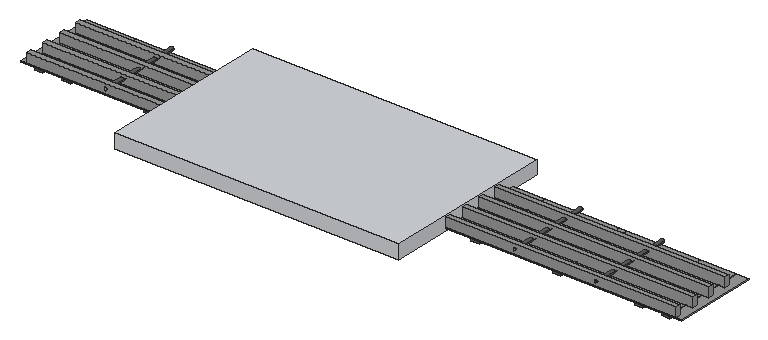
Revit family "1412-4, Solid", category Generic Models, host Face, Revit 2020
Family settings
  Host = Face
  Can host rebar = No
  Round Connector Dimension = Use Diameter
  Part Type = Normal
  Cut with Voids When Loaded = No
  Shared = No
  Room Calculation Point = No
Parameters
  min_value [instance] = 2' - 4"  # constant formula
  max_value [instance] = 11' - 11 1/4"  # constant formula
  actual_value [instance] = if(NET LENGTH < min_value, min_value, if(NET LENGTH > max_value, max_value, NET LENGTH))  # 7' - 11 1/4"
  SCRIM MATERIAL [instance] = SCRIM
  SCRIM APPEARANCE [instance] = yes
  NET LENGTH [instance] = 7' - 11 1/4"
  IMPORTANT NOTE!!!                                                                             *Backer & dowel layout is for visualization purposes only, final layout to be determined by 9Wood. [instance] = ""
  Default Elevation = 4' - 0"
  DOWEL RADIUS [instance] = 0' - 0 1/4"  # constant formula
  BACKER & DOWEL MATERIAL [instance] = BLACK-BACKERS
  .. MEMBER WIDTH [instance] = 0' - 0 3/4"  # constant formula
  .. MEMBER MATERIAL [instance] = Solid Western Hemlock
  .. MEMBER DEPTH [instance] = 0' - 1 3/8"  # constant formula
  .. MEMBER COUNT [instance] = 4  # constant formula
Reference planes (in)
  plane 1 "Center (Front/Back)": y = 0
  plane 2: z = 0
  plane 3 "Center (Left/Right)": x = 0
Forms (in)
  Extrusion 1, solid
    sketch origin (0, 0, 0) x (1, 0, 0) y (0, 1, 0)
      loop
        line (-24.24823, 14.63962) -> (-24.24823, -10.69266) -> (17.36192, -10.69266) -> (17.36192, 14.63962) -> (-24.24823, 14.63962)
    from 0 to 2.0625
Dimensions and locks (in)
  aligned and locked: plane 2 to Extrusion 1
Nested families (in)
  nested 1: "1400 series" at (-44.01308, -2.1224, 0.00189), NET LENGTH <- "actual_value", .. MEMBER DEPTH <- ".. MEMBER DEPTH", .. MEMBER WIDTH <- ".. MEMBER WIDTH", DOWEL RADIUS <- "DOWEL RADIUS", BACKER & DOWEL MATERIAL <- "BACKER & DOWEL MATERIAL", .. MEMBER MATERIAL <- ".. MEMBER MATERIAL", SCRIM MATERIAL <- "SCRIM MATERIAL", MEMBER COUNT <- ".. MEMBER COUNT", SCRIM APPEARANCE <- "SCRIM APPEARANCE", type "1400 series"
    with X 7' - 8", SCRIM MATERIAL SCRIM, SCRIM LENGTH 8' - 1", SCRIM APPEARANCE yes, SCRIM 2 0' - 0 7/8", SCRIM 1 0' - 0 3/32", OC TYP 1' - 0", NET LENGTH 7' - 11 1/4", N 8, MEMBER COUNT 4, INSET 2 0' - 0 3/16", INSET 0' - 1", HALF MEMBER WIDTH 0' - 0 3/8", END BACKER yes, DOWEL RADIUS 0' - 0 1/4", DOWEL INDEX 0' - 11 5/8", DOWEL COUNT 7, BACKING M COUNT 8, BACKER WIDTH 0' - 1 1/4", BACKER INDEX 0' - 5 5/8", BACKER DEPTH 0' - 0 1/2", BACKER & DOWEL MATERIAL BLACK-BACKERS, BACKER &  DOWEL LENGTH 0' - 11 7/8", .. MEMBER WIDTH 0' - 0 3/4", .. MEMBER OC TYP 0' - 3", .. MEMBER MATERIAL Solid Western Hemlock, .. MEMBER DEPTH 0' - 1 3/8"
Definition of nested family "1400 series"
  Parameters (values of type "1400 series")
    X [instance] = NET LENGTH - 0' 3 1/4"  # 7' - 2"
    SCRIM MATERIAL [instance] = none
    SCRIM APPEARANCE [instance] = yes
    SCRIM 2 [instance] = 0' - 0 7/8"  # constant formula
    SCRIM 1 [instance] = 0' - 0 3/32"  # constant formula
    OC TYP [instance] = 1' - 0"  # constant formula
    N [instance] = if((X - (rounddown(X / 1' 0") * 1' 0")) > 1' 0", rounddown(X / 1' 0") + 2, rounddown(X / 1' 0") + 1)  # 8
    MEMBER COUNT [instance] = 2
    INSET 5 = 0' - 0 11/16"  # constant formula
    INSET 2 [instance] = 0' - 0 3/16"  # constant formula
    INSET [instance] = 0' - 1"  # constant formula
    END BACKER [instance] = BACKER INDEX > 0' 3 5/8"  # no
    HALF MEMBER WIDTH [instance] = .. MEMBER WIDTH / 2  # 0' - 1 1/8"
    Default Elevation = 0' - 0"
    DOWEL RADIUS [instance] = 0' - 0 1/4"
    DOWEL INDEX [instance] = BACKER INDEX + 0' 6"  # 0' - 8 5/8"
    DOWEL COUNT [instance] = N - 1  # 7
    BACKER WIDTH [instance] = 0' - 1 1/4"  # constant formula
    BACKER INDEX [instance] = (NET LENGTH - ((N - 1) * 1' 0")) / 2  # 0' - 2 5/8"
    BACKER DEPTH [instance] = 0' - 0 1/2"  # constant formula
    BACKING M COUNT [instance] = N  # 8
    BACKER & DOWEL MATERIAL [instance] = none
    BACKER &  DOWEL LENGTH [instance] = 0' - 11 7/8"  # constant formula
    SCRIM LENGTH [instance] = NET LENGTH + (SCRIM 2 * 2)  # 7' - 7"
    .. MEMBER WIDTH [instance] = 0' - 2 1/4"
    .. MEMBER OC TYP [instance] = 1' 0" / MEMBER COUNT  # 0' - 6"
    .. MEMBER MATERIAL [instance] = none
    NET LENGTH [instance] = 7' - 5 1/4"
    .. MEMBER DEPTH [instance] = 0' - 4"
  Reference planes (in)
    plane 1 "Center (Front/Back)": y = 0
    plane 2: z = 0
    plane 3 "Center (Left/Right)": x = 0
    plane 4: x = 89.25
    plane 5: x = 1
    plane 6: x = 88.25
    plane 7: x = 2.625
    plane 8: x = 8.625
    plane 9: x = 14.625
    plane 10: x = 20.625
    plane 11: y = 0.1875
    plane 12: y = 1.125
    plane 13: y = 7.125
    plane 14: y = 12.0625
    plane 15: x = 90.125
    plane 16: x = -0.875
    plane 17: y = 12.15625
    plane 18: y = -0.09375
    plane 19: z = 2.7097
    plane 20: z = 0.49811
    plane 21: z = 0.56061
    plane 22: z = 1.24811
  Lines and regions (in)
    model lines, not visible
      curve 1: line (8.625, 0, 0.99811) -> (8.625, 0, 1.49811)
      curve 2: line (8.625, 0, 1.49811) -> (8.375, 0, 1.24811)
      curve 3: line (8.375, 0, 1.24811) -> (8.875, 0, 1.24811)
      curve 4: line (20.625, 0, 0.99811) -> (20.625, 0, 1.49811)
      curve 5: line (20.625, 0, 1.49811) -> (20.375, 0, 1.24811)
      curve 6: line (20.375, 0, 1.24811) -> (20.875, 0, 1.24811)
      curve 7: line (32.625, 0, 0.99811) -> (32.625, 0, 1.49811)
      curve 8: line (32.625, 0, 1.49811) -> (32.375, 0, 1.24811)
      curve 9: line (32.375, 0, 1.24811) -> (32.875, 0, 1.24811)
      curve 10: line (44.625, 0, 0.99811) -> (44.625, 0, 1.49811)
      curve 11: line (44.625, 0, 1.49811) -> (44.375, 0, 1.24811)
      curve 12: line (44.375, 0, 1.24811) -> (44.875, 0, 1.24811)
      curve 13: line (56.625, 0, 0.99811) -> (56.625, 0, 1.49811)
      curve 14: line (56.625, 0, 1.49811) -> (56.375, 0, 1.24811)
      curve 15: line (56.375, 0, 1.24811) -> (56.875, 0, 1.24811)
      curve 16: line (68.625, 0, 0.99811) -> (68.625, 0, 1.49811)
      curve 17: line (68.625, 0, 1.49811) -> (68.375, 0, 1.24811)
      curve 18: line (68.375, 0, 1.24811) -> (68.875, 0, 1.24811)
      curve 19: line (80.625, 0, 0.99811) -> (80.625, 0, 1.49811)
      curve 20: line (80.625, 0, 1.49811) -> (80.375, 0, 1.24811)
      curve 21: line (80.375, 0, 1.24811) -> (80.875, 0, 1.24811)
  Dimensions and locks (in)
    "INSET": plane 3 "Center (Left/Right)" to plane 5
    "NET LENGTH": plane 3 "Center (Left/Right)" to plane 4
    "INSET": plane 6 to plane 4
    "BACKER INDEX": plane 3 "Center (Left/Right)" to plane 7
    "DOWEL INDEX": plane 3 "Center (Left/Right)" to plane 8
    "OC TYP": plane 7 to plane 9
    "OC TYP": plane 8 to plane 10
    "INSET 2": plane 1 "Center (Front/Back)" to plane 11
    equal spacing: group 1, group 2, group 5, group 6, group 7, group 13, group 14, group 16  (x3)
    equal spacing: group 3, group 4, group 8, group 9, group 10, group 15, group 17  (x3)
    group 11 to group 12 = 0' - 0"  (x2)
    group 11 to group 12 = 0' - 6"
    ".. MEMBER OC TYP": plane 13 to plane 12
    "HALF MEMBER WIDTH": plane 1 "Center (Front/Back)" to plane 12
    "SCRIM 2": plane 16 to plane 3 "Center (Left/Right)"
    "SCRIM 2": plane 4 to plane 15
    "SCRIM 1": plane 18 to plane 1 "Center (Front/Back)"
    "SCRIM 1": plane 17 to plane 14
    "INSET 5": plane 22 to plane 21
    aligned and locked: level to plane 2
    aligned and locked: plane 7 to nested 2
    aligned and locked: plane 5 to nested 1
    aligned and locked: plane 9 to nested 3
    aligned and locked: nested 1 to plane 5
    aligned and locked: nested 2 to plane 11
    aligned and locked: nested 1 to plane 11
    aligned and locked: nested 3 to plane 11
    aligned and locked: nested 4 to plane 11  (x2)
    aligned and locked: plane 10 to nested 5
    aligned and locked: plane 6 to nested 12
    aligned and locked: nested 5 to plane 11
    aligned and locked: plane 11 to nested 12
    aligned and locked: plane 12 to nested 13
    aligned and locked: nested 14 to plane 13
    aligned and locked: plane 14 to nested 8
    aligned and locked: plane 16 to nested 15
    aligned and locked: nested 15 to plane 18
    aligned and locked: nested 15 to plane 17
    aligned and locked: nested 15 to plane 16  (x2)
    aligned and locked: nested 1 to level
    aligned and locked: level to nested 3
    aligned and locked: plane 20 to nested 2
    aligned and locked: plane 20 to nested 1
    aligned and locked: plane 20 to nested 3
    aligned and locked: nested 12 to plane 20
    aligned and locked: nested 15 to plane 20
    aligned and locked: plane 21 to nested 15
    aligned and locked: nested 13 to plane 21
    aligned and locked: plane 22 to nested 4
    aligned and locked: plane 22 to nested 5
    aligned and locked: nested 13 to plane 8
    aligned and locked: plane 10 to nested 13
    aligned and locked: curve 1 to nested 13
    aligned and locked: nested 13 to curve 4
  Automatic sketch dimensions
    curve 3 to curve 1 = 0' - 0 1/4"  (x2)
    curve 1 to curve 3 = 0' - 0 1/4"
    curve 1 to curve 2 = 0' - 0 1/4"
    curve 6 to curve 4 = 0' - 0 1/4"  (x2)
    curve 4 to curve 6 = 0' - 0 1/4"
    curve 4 to curve 5 = 0' - 0 1/4"
    curve 9 to curve 7 = 0' - 0 1/4"  (x2)
    curve 7 to curve 9 = 0' - 0 1/4"
    curve 7 to curve 8 = 0' - 0 1/4"
    curve 12 to curve 10 = 0' - 0 1/4"  (x2)
    curve 10 to curve 12 = 0' - 0 1/4"
    curve 10 to curve 11 = 0' - 0 1/4"
    curve 15 to curve 13 = 0' - 0 1/4"  (x2)
    curve 13 to curve 15 = 0' - 0 1/4"
    curve 13 to curve 14 = 0' - 0 1/4"
    curve 18 to curve 16 = 0' - 0 1/4"  (x2)
    curve 16 to curve 18 = 0' - 0 1/4"
    curve 16 to curve 17 = 0' - 0 1/4"
    curve 21 to curve 19 = 0' - 0 1/4"  (x2)
    curve 19 to curve 21 = 0' - 0 1/4"
    curve 19 to curve 20 = 0' - 0 1/4"
  Nested families (in)
    nested 1: "INSTANCE - 3RD -  EXTEND BOTH SIDES - Parametric Cube.0001" at (1, 0.1875, 0.49811), Length <- "BACKER &  DOWEL LENGTH", Width <- "BACKER WIDTH", Height <- "BACKER DEPTH", Material <- "BACKER & DOWEL MATERIAL", visible <- "END BACKER", type "INSTANCE - 3RD -  EXTEND BOTH SIDES - Parametric Cube.0001"
      with Width 0' - 1 1/4", Material none, Length 0' - 11 7/8", Height 0' - 0 1/2"
    nested 2: "INSTANCE - 2ND -  EXTEND SIDE H CENTER W - Parametric Cube.0001" at (2.625, 0.1875, 0.49811), Width <- "BACKER WIDTH", Length <- "BACKER &  DOWEL LENGTH", Height <- "BACKER DEPTH", Material <- "BACKER & DOWEL MATERIAL", type "INSTANCE - 2ND -  EXTEND SIDE H CENTER W - Parametric Cube.0001"
      with Width 0' - 1 1/4", Material none, Length 0' - 11 7/8", Height 0' - 0 1/2"
    nested 3: "INSTANCE - 2ND -  EXTEND SIDE H CENTER W - Parametric Cube.0001" at (14.625, 0.1875, 0.49811), Width <- "BACKER WIDTH", Length <- "BACKER &  DOWEL LENGTH", Height <- "BACKER DEPTH", Material <- "BACKER & DOWEL MATERIAL", type "INSTANCE - 2ND -  EXTEND SIDE H CENTER W - Parametric Cube.0001"
      with Width 0' - 1 1/4", Material none, Length 0' - 11 7/8", Height 0' - 0 1/2"
    nested 4: "DOWEL" at (-1.375, 0.1875, 1.24811), DOWEL LENGTH <- "BACKER &  DOWEL LENGTH", DOWEL RADII <- "DOWEL RADIUS", BACKING MEM MATERIAL <- "BACKER & DOWEL MATERIAL", type "DOWEL"
      with DOWEL RADII 0' - 0 1/4", DOWEL LENGTH 0' - 11 7/8", BACKING MEM MATERIAL none
    nested 5: "DOWEL" at (10.625, 0.1875, 1.24811), DOWEL LENGTH <- "BACKER &  DOWEL LENGTH", DOWEL RADII <- "DOWEL RADIUS", BACKING MEM MATERIAL <- "BACKER & DOWEL MATERIAL", type "DOWEL"
      with DOWEL RADII 0' - 0 1/4", DOWEL LENGTH 0' - 11 7/8", BACKING MEM MATERIAL none
    nested 6: "INSTANCE - 2ND -  EXTEND SIDE H CENTER W - Parametric Cube.0001" at (26.625, 0.1875, 0.49811), Width <- "BACKER WIDTH", Length <- "BACKER &  DOWEL LENGTH", Height <- "BACKER DEPTH", Material <- "BACKER & DOWEL MATERIAL", type "INSTANCE - 2ND -  EXTEND SIDE H CENTER W - Parametric Cube.0001"
      with Width 0' - 1 1/4", Material none, Length 0' - 11 7/8", Height 0' - 0 1/2"
    nested 7: "INSTANCE - 2ND -  EXTEND SIDE H CENTER W - Parametric Cube.0001" at (38.625, 0.1875, 0.49811), Width <- "BACKER WIDTH", Length <- "BACKER &  DOWEL LENGTH", Height <- "BACKER DEPTH", Material <- "BACKER & DOWEL MATERIAL", type "INSTANCE - 2ND -  EXTEND SIDE H CENTER W - Parametric Cube.0001"
      with Width 0' - 1 1/4", Material none, Length 0' - 11 7/8", Height 0' - 0 1/2"
    nested 8: "INSTANCE - 2ND -  EXTEND SIDE H CENTER W - Parametric Cube.0001" at (50.625, 0.1875, 0.49811), Width <- "BACKER WIDTH", Length <- "BACKER &  DOWEL LENGTH", Height <- "BACKER DEPTH", Material <- "BACKER & DOWEL MATERIAL", type "INSTANCE - 2ND -  EXTEND SIDE H CENTER W - Parametric Cube.0001"
      with Width 0' - 1 1/4", Material none, Length 0' - 11 7/8", Height 0' - 0 1/2"
    nested 9: "DOWEL" at (22.625, 0.1875, 1.24811), DOWEL LENGTH <- "BACKER &  DOWEL LENGTH", DOWEL RADII <- "DOWEL RADIUS", BACKING MEM MATERIAL <- "BACKER & DOWEL MATERIAL", type "DOWEL"
      with DOWEL RADII 0' - 0 1/4", DOWEL LENGTH 0' - 11 7/8", BACKING MEM MATERIAL none
    nested 10: "DOWEL" at (34.625, 0.1875, 1.24811), DOWEL LENGTH <- "BACKER &  DOWEL LENGTH", DOWEL RADII <- "DOWEL RADIUS", BACKING MEM MATERIAL <- "BACKER & DOWEL MATERIAL", type "DOWEL"
      with DOWEL RADII 0' - 0 1/4", DOWEL LENGTH 0' - 11 7/8", BACKING MEM MATERIAL none
    nested 11: "DOWEL" at (46.625, 0.1875, 1.24811), DOWEL LENGTH <- "BACKER &  DOWEL LENGTH", DOWEL RADII <- "DOWEL RADIUS", BACKING MEM MATERIAL <- "BACKER & DOWEL MATERIAL", type "DOWEL"
      with DOWEL RADII 0' - 0 1/4", DOWEL LENGTH 0' - 11 7/8", BACKING MEM MATERIAL none
    nested 12: "INSTANCE - 3RD -  EXTEND BOTH SIDES - Parametric Cube.0001" at (88.25, 0.1875, 0.49811) x (-1, 0, 0) z (0, 0, 1), Width <- "BACKER WIDTH", Length <- "BACKER &  DOWEL LENGTH", Height <- "BACKER DEPTH", Material <- "BACKER & DOWEL MATERIAL", visible <- "END BACKER", type "INSTANCE - 3RD -  EXTEND BOTH SIDES - Parametric Cube.0001"
      with Width 0' - 1 1/4", Material none, Length 0' - 11 7/8", Height 0' - 0 1/2"
    nested 13: "HOLED MEMBER" at (0, -9.75, 8.12965), DOWEL INDEX <- "DOWEL INDEX", .. MEMBER LENGTH <- "NET LENGTH", .. MEMBER WIDTH <- ".. MEMBER WIDTH", DOWEL OC DIST <- "OC TYP", DOWEL RADII <- "DOWEL RADIUS", Material <- ".. MEMBER MATERIAL", DEPTH <- ".. MEMBER DEPTH", DOWEL COUNT <- "DOWEL COUNT", Space <- "INSET 5", type "HOLED MEMBER"
      with Space 0' - 0 11/16", Material none, Height 0' - 10.43096", HALF MEMBER WIDTH 0' - 1 1/8", DOWEL RADII 0' - 0 1/4", DOWEL OC DIST 1' - 0", DOWEL INDEX 0' - 8 5/8", DOWEL COUNT 7, DEPTH 0' - 4", .. MEMBER WIDTH 0' - 2 1/4", .. MEMBER LENGTH 7' - 5 1/4"
    nested 14: "HOLED MEMBER" at (0, -3.75, 8.12965), DOWEL INDEX <- "DOWEL INDEX", .. MEMBER LENGTH <- "NET LENGTH", .. MEMBER WIDTH <- ".. MEMBER WIDTH", DOWEL OC DIST <- "OC TYP", DOWEL RADII <- "DOWEL RADIUS", Material <- ".. MEMBER MATERIAL", DEPTH <- ".. MEMBER DEPTH", DOWEL COUNT <- "DOWEL COUNT", Space <- "INSET 5", type "HOLED MEMBER"
      with Space 0' - 0 11/16", Material none, Height 0' - 10.43096", HALF MEMBER WIDTH 0' - 1 1/8", DOWEL RADII 0' - 0 1/4", DOWEL OC DIST 1' - 0", DOWEL INDEX 0' - 8 5/8", DOWEL COUNT 7, DEPTH 0' - 4", .. MEMBER WIDTH 0' - 2 1/4", .. MEMBER LENGTH 7' - 5 1/4"
    nested 15: "INSTANCE - 3RD -  EXTEND BOTH SIDES - Parametric Cube.0001" at (-0.875, -0.09375, 0.56061), Width <- "SCRIM LENGTH", Material <- "SCRIM MATERIAL", visible <- "SCRIM APPEARANCE", type "INSTANCE - 3RD -  EXTEND BOTH SIDES - Parametric Cube.0001"
      with Width 7' - 7", Material none, Length 1' - 0 1/4", Height 0' - 0 1/16"
    nested 16: "INSTANCE - 2ND -  EXTEND SIDE H CENTER W - Parametric Cube.0001" at (62.625, 0.1875, 0.49811), Width <- "BACKER WIDTH", Length <- "BACKER &  DOWEL LENGTH", Height <- "BACKER DEPTH", Material <- "BACKER & DOWEL MATERIAL", type "INSTANCE - 2ND -  EXTEND SIDE H CENTER W - Parametric Cube.0001"
      with Width 0' - 1 1/4", Material none, Length 0' - 11 7/8", Height 0' - 0 1/2"
    nested 17: "INSTANCE - 2ND -  EXTEND SIDE H CENTER W - Parametric Cube.0001" at (74.625, 0.1875, 0.49811), Width <- "BACKER WIDTH", Length <- "BACKER &  DOWEL LENGTH", Height <- "BACKER DEPTH", Material <- "BACKER & DOWEL MATERIAL", type "INSTANCE - 2ND -  EXTEND SIDE H CENTER W - Parametric Cube.0001"
      with Width 0' - 1 1/4", Material none, Length 0' - 11 7/8", Height 0' - 0 1/2"
    nested 18: "DOWEL" at (58.625, 0.1875, 1.24811), DOWEL LENGTH <- "BACKER &  DOWEL LENGTH", DOWEL RADII <- "DOWEL RADIUS", BACKING MEM MATERIAL <- "BACKER & DOWEL MATERIAL", type "DOWEL"
      with DOWEL RADII 0' - 0 1/4", DOWEL LENGTH 0' - 11 7/8", BACKING MEM MATERIAL none
    nested 19: "INSTANCE - 2ND -  EXTEND SIDE H CENTER W - Parametric Cube.0001" at (86.625, 0.1875, 0.49811), Width <- "BACKER WIDTH", Length <- "BACKER &  DOWEL LENGTH", Height <- "BACKER DEPTH", Material <- "BACKER & DOWEL MATERIAL", type "INSTANCE - 2ND -  EXTEND SIDE H CENTER W - Parametric Cube.0001"
      with Width 0' - 1 1/4", Material none, Length 0' - 11 7/8", Height 0' - 0 1/2"
    nested 20: "DOWEL" at (70.625, 0.1875, 1.24811), DOWEL LENGTH <- "BACKER &  DOWEL LENGTH", DOWEL RADII <- "DOWEL RADIUS", BACKING MEM MATERIAL <- "BACKER & DOWEL MATERIAL", type "DOWEL"
      with DOWEL RADII 0' - 0 1/4", DOWEL LENGTH 0' - 11 7/8", BACKING MEM MATERIAL none
  Definition of nested family "INSTANCE - 3RD -  EXTEND BOTH SIDES - Parametric Cube.0001"
    Parameters (values of type "INSTANCE - 3RD -  EXTEND BOTH SIDES - Parametric Cube.0001")
      Width [instance] = 0' - 6"
      Material [instance] = none
      Length [instance] = 1' - 0"
      Height [instance] = 1' - 6"
      Default Elevation = 0' - 0"
    Reference planes (in)
      plane 1 "Center (Front/Back)": y = 0
      plane 2: z = 0
      plane 3 "Center (Left/Right)": x = 0
      plane 4: x = 6
      plane 5: y = 12
      plane 6: z = -18
    Forms (in)
      Extrusion 1, solid, material <- "Material"
        sketch origin (0, 6, 0) x (1, 0, 0) y (0, 1, 0)
          loop
            line (0, 6) -> (0, -6) -> (6, -6) -> (6, 6) -> (0, 6)
        from -18 to 0
    Dimensions and locks (in)
      "Height": plane 6 to level
      "Length": plane 1 "Center (Front/Back)" to plane 5
      "Width": plane 3 "Center (Left/Right)" to plane 4
      aligned and locked: plane 2 to level
      aligned and locked: Extrusion 1 sketch curve to plane 4
      aligned and locked: Extrusion 1 to plane 6
      aligned and locked: plane 5 to Extrusion 1
      aligned and locked: Extrusion 1 to plane 3 "Center (Left/Right)"
    Automatic sketch dimensions
      plane 1 "Center (Front/Back)" to Extrusion 1 sketch curve = 0' - 0"
      plane 5 to Extrusion 1 sketch curve = 0' - 0"
      Extrusion 1 sketch curve to plane 3 "Center (Left/Right)" = 0' - 0"
  Definition of nested family "INSTANCE - 2ND -  EXTEND SIDE H CENTER W - Parametric Cube.0001"
    Parameters (values of type "INSTANCE - 2ND -  EXTEND SIDE H CENTER W - Parametric Cube.0001")
      Width [instance] = 0' - 6"
      Material [instance] = none
      Length [instance] = 1' - 0"
      Height [instance] = 1' - 6"
      Default Elevation = 0' - 0"
    Reference planes (in)
      plane 1 "Center (Front/Back)": y = 0
      plane 2: z = 0
      plane 3 "Center (Left/Right)": x = 0
      plane 4: x = -3
      plane 5: x = 3
      plane 6: y = 12
      plane 7: z = -18
    Forms (in)
      Extrusion 1, solid, material <- "Material"
        sketch origin (0, 6, 0) x (1, 0, 0) y (0, 1, 0)
          loop
            line (-3, 6) -> (-3, -6) -> (3, -6) -> (3, 6) -> (-3, 6)
        from -18 to 0
    Dimensions and locks (in)
      equal spacing: plane 4, plane 3 "Center (Left/Right)", plane 5
      "Width": plane 4 to plane 5
      "Height": plane 7 to level
      "Length": plane 1 "Center (Front/Back)" to plane 6
      aligned and locked: plane 2 to level
      aligned and locked: plane 4 to Extrusion 1 sketch curve
      aligned and locked: Extrusion 1 sketch curve to plane 5
      aligned and locked: Extrusion 1 to plane 7
      aligned and locked: plane 6 to Extrusion 1
    Automatic sketch dimensions
      plane 1 "Center (Front/Back)" to Extrusion 1 sketch curve = 0' - 0"
      plane 6 to Extrusion 1 sketch curve = 0' - 0"
  Definition of nested family "DOWEL"
    Parameters (values of type "DOWEL")
      Default Elevation = 0' - 0"
      DOWEL RADII [instance] = 0' - 0 5/8"
      DOWEL LENGTH [instance] = 1' - 0"
      BACKING MEM MATERIAL [instance] = none
    Reference planes (in)
      plane 1 "Center (Front/Back)": y = 0
      plane 2: z = 0
      plane 3 "Center (Left/Right)": x = 0
      plane 4: y = 12
    Forms (in)
      Extrusion 1, solid, material <- "BACKING MEM MATERIAL"
        sketch origin (10, 0, 0) x (1, 0, 0) y (0, 0, 1)
          loop
            circle (0, 0) r 0.625
        from 0 to -12
      Extrusion 2, solid, not visible
        sketch origin (0, 0, 0) x (1, 0, 0) y (0, 0, 1)
          loop
            circle (0, 0) r 0.625
        from 0 to 12
      Extrusion 3, solid, not visible
        sketch origin (10, 0, 0) x (1, 0, 0) y (0, 0, 1)
          loop
            circle (0, 0) r 0.625
        from 0 to 2.5
      Extrusion 4, solid, not visible
        sketch origin (10, 0, 0) x (1, 0, 0) y (0, 0, 1)
          loop
            circle (0, 0) r 0.625
        from 0 to -12
    Lines and regions (in)
      model lines, not visible
        curve 1: line (-13, 0, 0) -> (-13, -12, 0)
        curve 2: line (13, 0, 0) -> (13, -12, 0)
        curve 3: line (9.89453, 0, 0) -> (10.08794, 0, 0)
        curve 4: line (9.89453, -2.5, 0) -> (10.08794, -2.5, 0)
        curve 6: line (10, 0, 0) -> (10, 2, 0)
      model lines
        curve 5: line (10, 0, 0) -> (10, 2, 0)
    Dimensions and locks (in)
      "DOWEL LENGTH": plane 1 "Center (Front/Back)" to plane 4
      "DOWEL RADII": radius of Extrusion 1 sketch curve
      "DOWEL RADII": radius of Extrusion 2 sketch curve
      "DOWEL RADII": radius of Extrusion 3 sketch curve
      "DOWEL RADII": radius of Extrusion 4 sketch curve
      "DOWEL RADII": radius of Extrusion 1
      aligned and locked: plane 2 to level
      aligned and locked: Extrusion 1 to plane 1 "Center (Front/Back)"  (x3)
      aligned and locked: plane 1 "Center (Front/Back)" to Extrusion 1
      aligned and locked: plane 4 to Extrusion 1
    Automatic sketch dimensions
      plane 1 "Center (Front/Back)" to curve 5 = 0' - 0"
      curve 5 to plane 1 "Center (Front/Back)" = 0' - 2"
      plane 3 "Center (Left/Right)" to curve 5 = 0' - 10"
      Extrusion 1 sketch curve to level = 0' - 0"
      plane 3 "Center (Left/Right)" to Extrusion 1 sketch curve = 0' - 10"
  Definition of nested family "HOLED MEMBER"
    Parameters (values of type "HOLED MEMBER")
      Space [instance] = 0' - 0 5/8"
      Material [instance] = none
      Height [instance] = 0' - 10.43096"
      HALF MEMBER WIDTH [instance] = .. MEMBER WIDTH / 2  # 0' - 0 5/16"
      Default Elevation = 0' - 0"
      DOWEL RADII [instance] = 0' - 0.34537"
      DOWEL OC DIST [instance] = 1' - 0"
      DOWEL INSET = 0' - 0 5/8"
      DOWEL INDEX [instance] = 0' - 5 5/8"
      DOWEL COUNT [instance] = 6
      DEPTH [instance] = 0' - 2"
      .. MEMBER WIDTH [instance] = 0' - 0 5/8"
      .. MEMBER LENGTH [instance] = 5' - 11 3/4"
    Reference planes (in)
      plane 1 "Center (Front/Back)": y = 12
      plane 2: z = -7.56904
      plane 3 "Center (Left/Right)": x = 0
      plane 4: x = 5.625
      plane 5: x = 17.625
      plane 6: y = 11.375
      plane 7: x = 71.75
      plane 8: y = 11.6875
      plane 9: z = -6.94404
      plane 10: z = -5.56904
    Forms (in)
      Extrusion 1, solid, material <- "Material"
        sketch origin (0, 12, -13.56904) x (1, 0, 0) y (0, 0, 1)
          loop
            line (0, 6) -> (71.75, 6) -> (71.75, 8) -> (0, 8) -> (0, 6)
        from 0.625 to 0
      Extrusion 2, void
        sketch origin (0, 12, -18.31904) x (1, 0, 0) y (0, 0, 1)
          loop
            circle (5.625, 11.375) r 0.34537
        from 0 to 12
      Extrusion 3, void, not visible
        sketch origin (0, 0, 0) x (1, 0, 0) y (0, 1, 0)
          loop
            circle (5.625, 11.375) r 0.34537
        from 0 to 12
      Extrusion 4, void, not visible
        sketch origin (0, 0, 0) x (1, 0, 0) y (0, 1, 0)
          loop
            circle (5.625, 11.375) r 0.34537
        from 0 to 12
      Extrusion 5, void, not visible
        sketch origin (12, 0, 0) x (1, 0, 0) y (0, 1, 0)
          loop
            circle (5.625, 11.375) r 0.34537
        from 0 to 12
      Extrusion 6, void, not visible
        sketch origin (0, 12, -17.56904) x (1, 0, 0) y (0, 0, 1)
          loop
            circle (5.625, 11.375) r 0.34537
        from 0 to 12
      Extrusion 7, void, not visible
        sketch origin (12, 12, -17.56904) x (1, 0, 0) y (0, 0, 1)
          loop
            circle (5.625, 11.375) r 0.34537
        from 0 to 12
      Extrusion 8, void, not visible
        sketch origin (0, 12, -19.56904) x (1, 0, 0) y (0, 0, 1)
          loop
            circle (5.625, 11.375) r 0.34537
        from 0 to 12
      Extrusion 9, void
        sketch origin (12, 12, -18.31904) x (1, 0, 0) y (0, 0, 1)
          loop
            circle (5.625, 11.375) r 0.34537
        from 0 to 12
      Extrusion 10, void
        sketch origin (24, 12, -18.31904) x (1, 0, 0) y (0, 0, 1)
          loop
            circle (5.625, 11.375) r 0.34537
        from 0 to 12
      Extrusion 11, void
        sketch origin (36, 12, -18.31904) x (1, 0, 0) y (0, 0, 1)
          loop
            circle (5.625, 11.375) r 0.34537
        from 0 to 12
      Extrusion 12, void
        sketch origin (48, 12, -18.31904) x (1, 0, 0) y (0, 0, 1)
          loop
            circle (5.625, 11.375) r 0.34537
        from 0 to 12
      Extrusion 13, void
        sketch origin (60, 12, -18.31904) x (1, 0, 0) y (0, 0, 1)
          loop
            circle (5.625, 11.375) r 0.34537
        from 0 to 12
      Extrusion 14, void, not visible
        sketch origin (24, 12, -17.56904) x (1, 0, 0) y (0, 0, 1)
          loop
            circle (5.625, 11.375) r 0.34537
        from 0 to 12
      Extrusion 15, void, not visible
        sketch origin (36, 12, -17.56904) x (1, 0, 0) y (0, 0, 1)
          loop
            circle (5.625, 11.375) r 0.34537
        from 0 to 12
      Extrusion 16, void, not visible
        sketch origin (48, 12, -17.56904) x (1, 0, 0) y (0, 0, 1)
          loop
            circle (5.625, 11.375) r 0.34537
        from 0 to 12
      Extrusion 17, void, not visible
        sketch origin (60, 12, -17.56904) x (1, 0, 0) y (0, 0, 1)
          loop
            circle (5.625, 11.375) r 0.34537
        from 0 to 12
      Extrusion 18, void, not visible
        sketch origin (24, 0, 0) x (1, 0, 0) y (0, 1, 0)
          loop
            circle (5.625, 11.375) r 0.34537
        from 0 to 12
      Extrusion 19, void, not visible
        sketch origin (36, 0, 0) x (1, 0, 0) y (0, 1, 0)
          loop
            circle (5.625, 11.375) r 0.34537
        from 0 to 12
      Extrusion 20, void, not visible
        sketch origin (48, 0, 0) x (1, 0, 0) y (0, 1, 0)
          loop
            circle (5.625, 11.375) r 0.34537
        from 0 to 12
      Extrusion 21, void, not visible
        sketch origin (60, 0, 0) x (1, 0, 0) y (0, 1, 0)
          loop
            circle (5.625, 11.375) r 0.34537
        from 0 to 12
    Cuts and joins
      Extrusion 2, Extrusion 9, Extrusion 10, Extrusion 11, Extrusion 12, Extrusion 13 cuts Extrusion 1
    Lines and regions (in)
      model lines, not visible
        curve 1: line (5.625, 11.72037, 0) -> (5.625, 11.02963, 0)
        curve 2: line (5.625, 11.72037, 0) -> (5.625, 11.02963, 0)
        curve 3: line (17.625, 11.72037, 0) -> (17.625, 11.02963, 0)
        curve 4: line (5.625, 12, -7.56904) -> (5.625, 11.87317, -7.56904)
        curve 5: line (5.625, 11.87317, -7.56904) -> (5.06195, 11.87317, -7.56904)
        curve 6: line (5.06195, 11.87317, -7.56904) -> (5.27963, 11.375, -7.56904)
        curve 7: line (0, 12, -6.19404) -> (0, 11.61951, -6.19404)
        curve 9: line (0, 11.375, -8.19404) -> (0, 11.6747, -8.19404)
        curve 10: line (5.625, 12, -7.56904) -> (5.625, 11.69863, -7.56904)
        curve 11: line (5.625, 12, -7.56904) -> (5.625, 11.69863, -7.56904)
        curve 12: line (5.625, 10.75, 0) -> (5.625, 10.75, 0.30137)
        curve 13: line (5.625, 10.75, 0) -> (5.625, 10.75, 0.30137)
        curve 14: line (17.625, 10.75, 0) -> (17.625, 10.75, 0.30137)
        curve 15: line (5.625, 12, -6.81904) -> (5.625, 11.69863, -6.81904)
        curve 16: line (17.625, 12, -6.81904) -> (17.625, 11.69863, -6.81904)
        curve 17: line (5.625, 12, -8.81904) -> (5.625, 11.69863, -8.81904)
        curve 18: line (17.625, 12, -7.56904) -> (17.625, 11.69863, -7.56904)
        curve 19: line (29.625, 12, -7.56904) -> (29.625, 11.69863, -7.56904)
        curve 20: line (41.625, 12, -7.56904) -> (41.625, 11.69863, -7.56904)
        curve 21: line (53.625, 12, -7.56904) -> (53.625, 11.69863, -7.56904)
        curve 22: line (65.625, 12, -7.56904) -> (65.625, 11.69863, -7.56904)
        curve 23: line (29.625, 12, -6.81904) -> (29.625, 11.69863, -6.81904)
        curve 24: line (41.625, 12, -6.81904) -> (41.625, 11.69863, -6.81904)
        curve 25: line (53.625, 12, -6.81904) -> (53.625, 11.69863, -6.81904)
        curve 26: line (65.625, 12, -6.81904) -> (65.625, 11.69863, -6.81904)
        curve 27: line (29.625, 11.72037, 0) -> (29.625, 11.02963, 0)
        curve 28: line (29.625, 10.75, 0) -> (29.625, 10.75, 0.30137)
        curve 29: line (41.625, 11.72037, 0) -> (41.625, 11.02963, 0)
        curve 30: line (41.625, 10.75, 0) -> (41.625, 10.75, 0.30137)
        curve 31: line (53.625, 11.72037, 0) -> (53.625, 11.02963, 0)
        curve 32: line (53.625, 10.75, 0) -> (53.625, 10.75, 0.30137)
        curve 33: line (65.625, 11.72037, 0) -> (65.625, 11.02963, 0)
        curve 34: line (65.625, 10.75, 0) -> (65.625, 10.75, 0.30137)
        curve 35: line (5.27963, 12, -6.94404) -> (5.97037, 12, -6.94404)
        curve 36: line (5.97037, 12, -6.94404) -> (5.625, 12, -6.59867)
        curve 37: line (5.625, 12, -6.59867) -> (5.625, 12, -7.28941)
        curve 38: line (5.27963, 11.375, 0) -> (5.97037, 11.375, 0)
        curve 39: line (5.97037, 11.375, 0) -> (5.625, 11.72037, 0)
        curve 40: line (5.625, 11.72037, 0) -> (5.625, 11.02963, 0)
        curve 41: line (5.27963, 11.375, 0) -> (5.97037, 11.375, 0)
        curve 42: line (5.97037, 11.375, 0) -> (5.625, 11.72037, 0)
        curve 43: line (5.625, 11.72037, 0) -> (5.625, 11.02963, 0)
        curve 44: line (17.27963, 11.375, 0) -> (17.97037, 11.375, 0)
        curve 45: line (17.97037, 11.375, 0) -> (17.625, 11.72037, 0)
        curve 46: line (17.625, 11.72037, 0) -> (17.625, 11.02963, 0)
        curve 47: line (5.27963, 12, -6.19404) -> (5.97037, 12, -6.19404)
        curve 48: line (5.97037, 12, -6.19404) -> (5.625, 12, -5.84867)
        curve 49: line (5.625, 12, -5.84867) -> (5.625, 12, -6.53941)
        curve 50: line (17.27963, 12, -6.19404) -> (17.97037, 12, -6.19404)
        curve 51: line (17.97037, 12, -6.19404) -> (17.625, 12, -5.84867)
        curve 52: line (17.625, 12, -5.84867) -> (17.625, 12, -6.53941)
        curve 53: line (5.27963, 12, -8.19404) -> (5.97037, 12, -8.19404)
        curve 54: line (5.97037, 12, -8.19404) -> (5.625, 12, -7.84867)
        curve 55: line (5.625, 12, -7.84867) -> (5.625, 12, -8.53941)
        curve 56: line (17.27963, 12, -6.94404) -> (17.97037, 12, -6.94404)
        curve 57: line (17.97037, 12, -6.94404) -> (17.625, 12, -6.59867)
        curve 58: line (17.625, 12, -6.59867) -> (17.625, 12, -7.28941)
        curve 59: line (29.27963, 12, -6.94404) -> (29.97037, 12, -6.94404)
        curve 60: line (29.97037, 12, -6.94404) -> (29.625, 12, -6.59867)
        curve 61: line (29.625, 12, -6.59867) -> (29.625, 12, -7.28941)
        curve 62: line (41.27963, 12, -6.94404) -> (41.97037, 12, -6.94404)
        curve 63: line (41.97037, 12, -6.94404) -> (41.625, 12, -6.59867)
        curve 64: line (41.625, 12, -6.59867) -> (41.625, 12, -7.28941)
        curve 65: line (53.27963, 12, -6.94404) -> (53.97037, 12, -6.94404)
        curve 66: line (53.97037, 12, -6.94404) -> (53.625, 12, -6.59867)
        curve 67: line (53.625, 12, -6.59867) -> (53.625, 12, -7.28941)
        curve 68: line (65.27963, 12, -6.94404) -> (65.97037, 12, -6.94404)
        curve 69: line (65.97037, 12, -6.94404) -> (65.625, 12, -6.59867)
        curve 70: line (65.625, 12, -6.59867) -> (65.625, 12, -7.28941)
        curve 71: line (29.27963, 12, -6.19404) -> (29.97037, 12, -6.19404)
        curve 72: line (29.97037, 12, -6.19404) -> (29.625, 12, -5.84867)
        curve 73: line (29.625, 12, -5.84867) -> (29.625, 12, -6.53941)
        curve 74: line (41.27963, 12, -6.19404) -> (41.97037, 12, -6.19404)
        curve 75: line (41.97037, 12, -6.19404) -> (41.625, 12, -5.84867)
        curve 76: line (41.625, 12, -5.84867) -> (41.625, 12, -6.53941)
        curve 77: line (53.27963, 12, -6.19404) -> (53.97037, 12, -6.19404)
        curve 78: line (53.97037, 12, -6.19404) -> (53.625, 12, -5.84867)
        curve 79: line (53.625, 12, -5.84867) -> (53.625, 12, -6.53941)
        curve 80: line (65.27963, 12, -6.19404) -> (65.97037, 12, -6.19404)
        curve 81: line (65.97037, 12, -6.19404) -> (65.625, 12, -5.84867)
        curve 82: line (65.625, 12, -5.84867) -> (65.625, 12, -6.53941)
        curve 83: line (29.27963, 11.375, 0) -> (29.97037, 11.375, 0)
        curve 84: line (29.97037, 11.375, 0) -> (29.625, 11.72037, 0)
        curve 85: line (29.625, 11.72037, 0) -> (29.625, 11.02963, 0)
        curve 86: line (41.27963, 11.375, 0) -> (41.97037, 11.375, 0)
        curve 87: line (41.97037, 11.375, 0) -> (41.625, 11.72037, 0)
        curve 88: line (41.625, 11.72037, 0) -> (41.625, 11.02963, 0)
        curve 89: line (53.27963, 11.375, 0) -> (53.97037, 11.375, 0)
        curve 90: line (53.97037, 11.375, 0) -> (53.625, 11.72037, 0)
        curve 91: line (53.625, 11.72037, 0) -> (53.625, 11.02963, 0)
        curve 92: line (65.27963, 11.375, 0) -> (65.97037, 11.375, 0)
        curve 93: line (65.97037, 11.375, 0) -> (65.625, 11.72037, 0)
        curve 94: line (65.625, 11.72037, 0) -> (65.625, 11.02963, 0)
      model lines
        curve 8: line (5.625, 12, -7.56904) -> (5.625, 11.69863, -7.56904)
    Dimensions and locks (in)
      "DOWEL INDEX": plane 3 "Center (Left/Right)" to plane 4
      "DOWEL OC DIST": plane 4 to plane 5
      ".. MEMBER LENGTH": plane 3 "Center (Left/Right)" to plane 7
      equal spacing: group 3, group 4, group 21, group 22, group 23, group 24  (x3)
      equal spacing: group 7, group 8, group 17, group 18, group 19, group 20  (x3)
      ".. MEMBER WIDTH": plane 6 to plane 1 "Center (Front/Back)"
      "HALF MEMBER WIDTH": plane 8 to plane 1 "Center (Front/Back)"
      equal spacing: group 1, group 12, group 13, group 14, group 15, group 16  (x2)
      equal spacing: group 16, group 15, group 14, group 13, group 12, group 1
      "DEPTH": plane 10 to level
      "Space": plane 9 to level
      "DOWEL RADII": radius of Extrusion 2 sketch curve
      "DOWEL RADII": radius of Extrusion 3 sketch curve
      "DOWEL RADII": radius of Extrusion 4 sketch curve
      "DOWEL RADII": radius of Extrusion 5 sketch curve
      "DOWEL RADII": radius of Extrusion 6 sketch curve
      "DOWEL RADII": radius of Extrusion 7 sketch curve
      "DOWEL RADII": radius of Extrusion 8 sketch curve
      "DOWEL RADII": radius of Extrusion 9 sketch curve
      "DOWEL RADII": radius of Extrusion 10 sketch curve
      "DOWEL RADII": radius of Extrusion 11 sketch curve
      "DOWEL RADII": radius of Extrusion 12 sketch curve
      "DOWEL RADII": radius of Extrusion 13 sketch curve
      "DOWEL RADII": radius of Extrusion 14 sketch curve
      "DOWEL RADII": radius of Extrusion 15 sketch curve
      "DOWEL RADII": radius of Extrusion 16 sketch curve
      "DOWEL RADII": radius of Extrusion 17 sketch curve
      "DOWEL RADII": radius of Extrusion 18 sketch curve
      "DOWEL RADII": radius of Extrusion 19 sketch curve
      "DOWEL RADII": radius of Extrusion 20 sketch curve
      "DOWEL RADII": radius of Extrusion 21 sketch curve
      aligned and locked: level to plane 2
      aligned and locked: Extrusion 1 to plane 3 "Center (Left/Right)"  (x2)
      aligned and locked: plane 7 to cut or joined group of Extrusion 1, Extrusion 2, Extrusion 9, Extrusion 10, Extrusion 11, Extrusion 12, Extrusion 13  (x2)
      aligned and locked: cut or joined group of Extrusion 1, Extrusion 2, Extrusion 9, Extrusion 10, Extrusion 11, Extrusion 12, Extrusion 13 to plane 1 "Center (Front/Back)"  (x2)
      aligned and locked: cut or joined group of Extrusion 1, Extrusion 2, Extrusion 9, Extrusion 10, Extrusion 11, Extrusion 12, Extrusion 13 to plane 6  (x2)
      aligned and locked: plane 4 to curve 11
      aligned and locked: curve 18 to plane 5
      aligned and locked: plane 4 to group 1
      aligned and locked: group 12 to plane 5
      aligned and locked: curve 35 to plane 9
      aligned and locked: plane 4 to curve 37
      aligned and locked: curve 56 to plane 9
      aligned and locked: curve 58 to plane 5
      aligned and locked: plane 10 to cut or joined group of Extrusion 1, Extrusion 2, Extrusion 9, Extrusion 10, Extrusion 11, Extrusion 12, Extrusion 13  (x2)
      aligned and locked: cut or joined group of Extrusion 1, Extrusion 2, Extrusion 9, Extrusion 10, Extrusion 11, Extrusion 12, Extrusion 13 to level
      aligned and locked: level to cut or joined group of Extrusion 1, Extrusion 2, Extrusion 9, Extrusion 10, Extrusion 11, Extrusion 12, Extrusion 13
    Automatic sketch dimensions
      curve 1 to curve 1 = 0' - 0.69074"
      curve 2 to curve 2 = 0' - 0.69074"
      curve 3 to curve 3 = 0' - 0.69074"
      Extrusion 1 sketch curve to plane 3 "Center (Left/Right)" = 0' - 0"
      Extrusion 1 sketch curve to plane 7 = 0' - 0"
      Extrusion 1 sketch curve to Extrusion 1 sketch curve = 0' - 2"
      Extrusion 1 sketch curve to level = 0' - 0"
      curve 8 to curve 8 = 0' - 0.30137"
      curve 10 to curve 10 = 0' - 0.30137"
      curve 8 to plane 4 = 0' - 0"
      plane 1 "Center (Front/Back)" to curve 8 = 0' - 0"
      plane 1 "Center (Front/Back)" to curve 8 = 0' - 0.30137"
      curve 11 to curve 11 = 0' - 0.30137"
      curve 12 to curve 12 = 0' - 0.30137"
      curve 13 to curve 13 = 0' - 0.30137"
      curve 14 to curve 14 = 0' - 0.30137"
      curve 15 to curve 15 = 0' - 0.30137"
      curve 16 to curve 16 = 0' - 0.30137"
      curve 17 to curve 17 = 0' - 0.30137"
      curve 18 to curve 18 = 0' - 0.30137"
      curve 19 to curve 19 = 0' - 0.30137"
      curve 20 to curve 20 = 0' - 0.30137"
      curve 21 to curve 21 = 0' - 0.30137"
      curve 22 to curve 22 = 0' - 0.30137"
      curve 23 to curve 23 = 0' - 0.30137"
      curve 24 to curve 24 = 0' - 0.30137"
      curve 25 to curve 25 = 0' - 0.30137"
      curve 26 to curve 26 = 0' - 0.30137"
      curve 27 to curve 27 = 0' - 0.69074"
      curve 28 to curve 28 = 0' - 0.30137"
      curve 29 to curve 29 = 0' - 0.69074"
      curve 30 to curve 30 = 0' - 0.30137"
      curve 31 to curve 31 = 0' - 0.69074"
      curve 32 to curve 32 = 0' - 0.30137"
      curve 33 to curve 33 = 0' - 0.69074"
      curve 34 to curve 34 = 0' - 0.30137"
      curve 37 to curve 35 = 0' - 0.34537"  (x2)
      curve 35 to curve 36 = 0' - 0.34537"
      curve 35 to curve 37 = 0' - 0.34537"
      curve 40 to curve 38 = 0' - 0.34537"  (x2)
      curve 38 to curve 39 = 0' - 0.34537"
      curve 38 to curve 40 = 0' - 0.34537"
      curve 43 to curve 41 = 0' - 0.34537"  (x2)
      curve 41 to curve 42 = 0' - 0.34537"
      curve 41 to curve 43 = 0' - 0.34537"
      curve 46 to curve 44 = 0' - 0.34537"  (x2)
      curve 44 to curve 45 = 0' - 0.34537"
      curve 44 to curve 46 = 0' - 0.34537"
      curve 49 to curve 47 = 0' - 0.34537"  (x2)
      curve 47 to curve 48 = 0' - 0.34537"
      curve 47 to curve 49 = 0' - 0.34537"
      curve 52 to curve 50 = 0' - 0.34537"  (x2)
      curve 50 to curve 51 = 0' - 0.34537"
      curve 50 to curve 52 = 0' - 0.34537"
      curve 55 to curve 53 = 0' - 0.34537"  (x2)
      curve 53 to curve 54 = 0' - 0.34537"
      curve 53 to curve 55 = 0' - 0.34537"
      curve 58 to curve 56 = 0' - 0.34537"  (x2)
      curve 56 to curve 57 = 0' - 0.34537"
      curve 56 to curve 58 = 0' - 0.34537"
      curve 61 to curve 59 = 0' - 0.34537"  (x2)
      curve 59 to curve 60 = 0' - 0.34537"
      curve 59 to curve 61 = 0' - 0.34537"
      curve 64 to curve 62 = 0' - 0.34537"  (x2)
      curve 62 to curve 63 = 0' - 0.34537"
      curve 62 to curve 64 = 0' - 0.34537"
      curve 67 to curve 65 = 0' - 0.34537"  (x2)
      curve 65 to curve 66 = 0' - 0.34537"
      curve 65 to curve 67 = 0' - 0.34537"
      curve 70 to curve 68 = 0' - 0.34537"  (x2)
      curve 68 to curve 69 = 0' - 0.34537"
      curve 68 to curve 70 = 0' - 0.34537"
      curve 73 to curve 71 = 0' - 0.34537"  (x2)
      curve 71 to curve 72 = 0' - 0.34537"
      curve 71 to curve 73 = 0' - 0.34537"
      curve 76 to curve 74 = 0' - 0.34537"  (x2)
      curve 74 to curve 75 = 0' - 0.34537"
      curve 74 to curve 76 = 0' - 0.34537"
      curve 79 to curve 77 = 0' - 0.34537"  (x2)
      curve 77 to curve 78 = 0' - 0.34537"
      curve 77 to curve 79 = 0' - 0.34537"
      curve 82 to curve 80 = 0' - 0.34537"  (x2)
      curve 80 to curve 81 = 0' - 0.34537"
      curve 80 to curve 82 = 0' - 0.34537"
      curve 85 to curve 83 = 0' - 0.34537"  (x2)
      curve 83 to curve 84 = 0' - 0.34537"
      curve 83 to curve 85 = 0' - 0.34537"
      curve 88 to curve 86 = 0' - 0.34537"  (x2)
      curve 86 to curve 87 = 0' - 0.34537"
      curve 86 to curve 88 = 0' - 0.34537"
      curve 91 to curve 89 = 0' - 0.34537"  (x2)
      curve 89 to curve 90 = 0' - 0.34537"
      curve 89 to curve 91 = 0' - 0.34537"
      curve 94 to curve 92 = 0' - 0.34537"  (x2)
      curve 92 to curve 93 = 0' - 0.34537"
      curve 92 to curve 94 = 0' - 0.34537"
